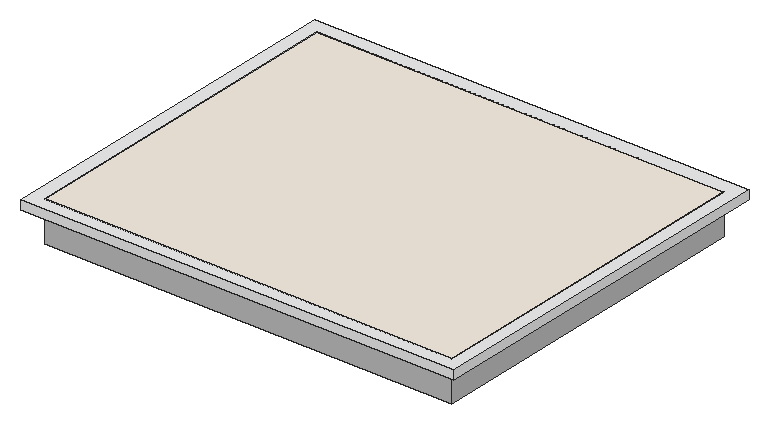
Revit family "Lighting-Industriale-GEWISS-ELIA-HL-LED_RIFLETTORE", category Apparecchi per illuminazione, host Superficie, Revit 2019 (continued)
Types (12, lengths in mm): name | Tensione | Scheda Tecnica | Potenza di sistema | Peso (kg): | Peso (kg) | Ottica | built-in parameter 1150142 | Lumen output (lm) | Modello | IDT | File diagramma fotometrico | Description
    1107.01 10877.01 \r\n10630.88 10363.22 10071.36 9747.21 9410.96 9088.16 \r\n8769.40 8457.36 8153.39 7861.52 7581.76 7311.42 7054.52 \r\n6817.80 6594.53 6377.99 6166.82 5954.31 5748.53 5557.54 \r\n5374.62 5205.15 5041.06 4878.31 4720.95 4571.65 4429.09 \r\n4283.82 4141.25 4002.72 3866.88 3732.38 3600.56 3476.82 \r\n3357.12 3241.45 3125.78 3010.11 2894.44 2778.77 2664.04 \r\n2548.64 2436.60 2333.71 2235.12 2135.46 2040.90 1956.71 \r\n1878.29 1802.03 1728.73 1657.31 1588.71 1524.15 1461.75 \r\n1400.01 1339.08 1279.09 1220.32 1162.21 1106.40 1054.08 \r\n1004.31 956.70 911.24 867.79 825.56 783.73 743.25 706.13 \r\n670.89 636.86 604.04 571.49 539.88 509.62 480.84 454.34 \r\n429.59 405.52 382.52 360.73 339.48 318.63 298.59 279.89 \r\n261.70 243.35 225.14 207.09 189.34 171.99 155.28 139.52 \r\n124.55 110.38 96.88 83.86 71.50 59.99 49.21 39.11 29.98 \r\n22.09 15.57 10.66 7.25 5.30 4.84 \r\n13471.52 13472.86 13475.55 13478.24 13480.93 13486.31 \r\n13491.69 13499.76 13506.49 13514.56 13523.97 13533.39 \r\n13544.15 13556.25 13569.70 13583.15 13596.60 13610.05 \r\n13624.85 13638.30 13654.44 13667.89 13684.03 13698.82 \r\n13714.96 13728.41 13743.21 13756.66 13770.11 13780.87 \r\n13791.63 13801.04 13809.11 13814.49 13818.53 13819.87 \r\n13819.87 13815.84 13810.46 13802.39 13791.63 13776.83 \r\n13760.69 13739.17 13716.31 13690.75 13659.82 13626.19 \r\n13589.88 13548.18 13501.11 13452.69 13400.23 13341.05 \r\n13277.84 13206.55 13132.58 13049.19 12960.42 12860.89 \r\n12751.94 12637.62 12511.19 12372.65 12222.01 12063.30 \r\n11892.49 11712.26 11522.61 11324.90 11115.08 10889.12 \r\n10642.98 10376.67 10087.50 9763.35 9428.45 9101.61 \r\n8778.81 8462.74 8157.42 7864.21 7581.76 7312.76 7059.90 \r\n6824.53 6599.91 6382.02 6169.51 5958.35 5753.91 5561.57 \r\n5378.65 5206.49 5039.71 4876.97 4718.26 4568.96 4423.70 \r\n4279.79 4137.22 4000.03 3864.18 3731.03 3600.56 3476.82 \r\n3357.12 3240.11 3124.43 3010.11 2894.44 2780.11 2664.98 \r\n2549.72 2437.54 2332.36 2231.76 2133.04 2039.56 1956.03 \r\n1878.02 1802.03 1728.86 1657.58 1588.98 1524.42 1462.01 \r\n1400.28 1339.49 1278.96 1219.38 1160.87 1104.38 1051.92 \r\n1002.16 955.35 910.70 867.66 825.83 783.73 743.25 706.26 \r\n671.29 637.66 604.98 572.57 541.23 511.10 482.45 456.22 \r\n431.48 407.00 383.32 361.13 339.61 318.90 298.86 280.16 \r\n262.15 243.92 225.73 207.40 189.38 171.97 155.25 139.53 \r\n124.57 110.33 96.75 83.70 71.34 59.83 49.08 38.95 29.82 \r\n22.02 15.59 10.68 7.25 5.30 4.83 \r\n13471.52 13474.21 13475.55 13478.24 13482.28 13486.31 \r\n13493.04 13499.76 13506.49 13514.56 13523.97 13534.73 \r\n13544.15 13556.25 13568.36 13581.81 13596.60 13610.05 \r\n13623.50 13638.30 13653.09 13669.23 13682.68 13698.82 \r\n13713.62 13727.07 13741.86 13755.31 13768.76 13780.87 \r\n13790.28 13801.04 13807.77 13813.15 13818.53 13818.53 \r\n13819.87 13817.18 13810.46 13802.39 13791.63 13776.83 \r\n13760.69 13740.52 13716.31 13690.75 13662.51 13630.23 \r\n13591.22 13549.53 13505.14 13455.38 13402.92 13345.09 \r\n13280.53 13211.93 13136.61 13054.57 12965.80 12866.27 \r\n12760.01 12644.34 12517.91 12380.72 12231.43 12071.37 \r\n11901.90 11720.33 11529.34 11331.62 11121.80 10895.84 \r\n10652.40 10387.43 10099.60 9778.15 9441.90 9112.37 \r\n8785.54 8468.12 8158.77 7862.87 7581.76 7315.45 7063.94 \r\n6829.91 6606.64 6387.40 6173.55 5963.73 5760.64 5568.30 \r\n5384.03 5207.84 5038.37 4874.28 4714.22 4563.59 4418.32 \r\n4274.41 4133.18 3997.34 3862.84 3729.68 3599.22 3475.48 \r\n3354.43 3237.41 3123.09 3007.42 2893.09 2778.77 2665.66 \r\n2550.79 2438.22 2330.62 2227.86 2129.81 2038.08 1955.23 \r\n1877.35 1801.63 1728.73 1657.85 1589.52 1524.96 1462.55 \r\n1400.95 1339.89 1278.96 1218.70 1159.39 1102.63 1049.77 \r\n1000.28 954.14 910.30 867.79 825.96 783.87 743.38 706.66 \r\n672.10 638.61 606.19 574.05 542.71 512.71 484.33 458.38 \r\n433.49 408.48 384.40 361.67 339.88 318.90 299.13 280.57 \r\n262.68 244.51 226.28 207.69 189.40 171.93 155.24 139.54 \r\n124.64 110.30 96.61 83.52 71.16 59.66 48.93 38.78 29.63 \r\n21.93 15.59 10.69 7.24 5.29 4.82 \r\n13471.52 13474.21 13475.55 13478.24 13482.28 13487.66 \r\n13493.04 13499.76 13506.49 13514.56 13522.63 13533.39 \r\n13544.15 13556.25 13569.70 13583.15 13596.60 13610.05 \r\n13623.50 13638.30 13653.09 13667.89 13684.03 13697.48 \r\n13713.62 13727.07 13741.86 13755.31 13768.76 13779.52 \r\n13790.28 13801.04 13807.77 13813.15 13817.18 13818.53 \r\n13818.53 13815.84 13810.46 13803.73 13791.63 13778.18 \r\n13762.04 13741.86 13719.00 13692.10 13663.85 13631.57 \r\n13593.91 13553.56 13506.49 13459.41 13405.61 13347.78 \r\n13284.56 13215.97 13140.65 13058.60 12969.83 12871.65 \r\n12765.39 12649.72 12524.64 12387.45 12239.50 12079.44 \r\n11907.28 11727.05 11536.06 11337.00 11125.84 10899.88 \r\n10657.78 10396.85 10110.36 9790.25 9454.00 9121.79 \r\n8792.26 8470.81 8160.11 7861.52 7581.76 7315.45 7067.97 \r\n6835.29 6614.71 6391.44 6176.24 5969.11 5770.05 5576.37 \r\n5389.41 5209.18 5037.02 4870.24 4711.53 4559.55 4411.60 \r\n4267.68 4127.80 3991.96 3858.80 3726.99 3596.53 3472.79 \r\n3353.09 3236.07 3120.40 3007.42 2893.09 2780.11 2666.06 \r\n2551.73 2438.75 2328.46 2223.28 2126.44 2036.46 1954.15 \r\n1876.68 1801.22 1728.59 1658.12 1590.06 1525.63 1463.23 \r\n1401.76 1340.70 1279.09 1218.30 1158.45 1101.02 1047.89 \r\n998.39 953.20 910.03 867.79 826.23 784.13 743.65 707.34 \r\n673.04 639.68 607.40 575.39 544.46 514.73 486.62 460.53 \r\n435.65 410.22 385.48 362.21 340.02 319.17 299.40 281.10 \r\n263.20 245.06 226.78 207.96 189.43 171.89 155.23 139.58 \r\n124.71 110.28 96.49 83.36 70.98 59.48 48.77 38.59 29.46 \r\n21.83 15.58 10.69 7.23 5.28 4.80 \r\n13471.52 13474.21 13475.55 13478.24 13482.28 13487.66 \r\n13493.04 13499.76 13505.14 13513.21 13522.63 13533.39 \r\n13544.15 13556.25 13568.36 13581.81 13595.26 13610.05 \r\n13623.50 13638.30 13653.09 13667.89 13682.68 13697.48 \r\n13712.27 13728.41 13741.86 13755.31 13767.42 13779.52 \r\n13790.28 13799.70 13806.42 13811.80 13817.18 13819.87 \r\n13818.53 13815.84 13810.46 13802.39 13791.63 13778.18 \r\n13760.69 13741.86 13719.00 13693.44 13665.20 13631.57 \r\n13595.26 13554.91 13509.18 13460.76 13406.96 13350.47 \r\n13287.25 13217.31 13143.34 13062.64 12973.87 12877.03 \r\n12770.77 12655.10 12528.67 12392.83 12246.22 12084.82 \r\n11912.66 11731.09 11538.75 11338.35 11127.18 10902.57 \r\n10661.81 10400.88 10117.09 9796.98 9463.42 9128.51 \r\n8796.30 8472.15 8158.77 7861.52 7579.07 7316.80 7072.01 \r\n6840.67 6620.09 6396.82 6178.93 5975.84 5778.12 5583.10 \r\n5394.80 5210.53 5035.68 4868.90 4708.85 4552.82 4404.88 \r\n4260.96 4122.43 3987.92 3856.11 3724.30 3595.18 3471.45 \r\n3349.05 3232.03 3117.71 3004.73 2891.75 2778.77 2666.33 \r\n2552.27 2439.02 2326.31 2218.98 2123.22 2034.85 1953.07 \r\n1875.74 1800.69 1728.46 1658.25 1590.60 1526.44 1464.03 \r\n1402.57 1341.64 1279.50 1217.90 1157.51 1099.54 1046.41 \r\n997.05 952.39 909.89 867.93 826.50 784.40 744.05 707.87 \r\n673.98 640.76 608.75 576.87 546.20 516.61 488.64 462.68 \r\n437.53 411.70 386.42 362.61 340.15 319.44 299.80 281.37 \r\n263.69 245.56 227.21 208.19 189.44 171.88 155.23 139.64 \r\n124.78 110.26 96.37 83.20 70.80 59.31 48.61 38.41 29.28 \r\n21.73 15.56 10.68 7.21 5.26 4.79 \r\n13471.52 13474.21 13476.90 13479.59 13482.28 13487.66 \r\n13493.04 13499.76 13506.49 13514.56 13522.63 13532.04 \r\n13544.15 13556.25 13569.70 13583.15 13596.60 13610.05 \r\n13623.50 13638.30 13653.09 13666.54 13682.68 13697.48 \r\n13712.27 13727.07 13740.52 13753.97 13767.42 13779.52 \r\n13790.28 13799.70 13806.42 13813.15 13817.18 13818.53 \r\n13818.53 13815.84 13811.80 13803.73 13792.97 13779.52 \r\n13762.04 13741.86 13719.00 13694.79 13666.54 13632.92 \r\n13596.60 13556.25 13510.52 13462.10 13409.65 13350.47 \r\n13287.25 13220.00 13144.68 13063.98 12976.56 12879.72 \r\n12773.46 12657.79 12531.36 12395.52 12248.91 12087.51 \r\n11915.35 11732.43 11540.10 11341.04 11128.53 10903.91 \r\n10663.16 10403.57 10121.12 9803.70 9470.14 9133.89 \r\n8800.33 8472.15 8157.42 7858.83 7577.73 7318.14 7074.70 \r\n6846.05 6625.47 6399.51 6181.62 5979.87 5784.85 5591.16 \r\n5400.17 5214.56 5032.99 4866.21 4706.15 4548.79 4398.15 \r\n4255.58 4118.39 3983.89 3852.08 3722.96 3593.84 3468.75 \r\n3346.36 3230.69 3116.36 3002.04 2890.40 2778.77 2666.33 \r\n2552.54 2439.02 2324.29 2215.21 2120.26 2033.51 1952.00 \r\n1874.93 1800.15 1728.19 1658.52 1591.27 1527.11 1464.70 \r\n1403.37 1342.44 1279.90 1217.76 1156.70 1098.60 1045.20 \r\n996.11 951.72 910.03 868.06 826.77 784.81 744.32 708.55 \r\n674.92 641.83 609.69 578.35 547.82 518.36 490.52 464.43 \r\n439.14 412.91 387.36 363.15 340.42 319.57 300.07 281.91 \r\n264.10 245.96 227.53 208.34 189.44 171.85 155.23 139.68 \r\n124.84 110.26 96.28 83.07 70.65 59.17 48.47 38.27 29.13 \r\n21.64 15.54 10.67 7.19 5.24 4.77 \r\n13471.52 13474.21 13476.90 13479.59 13482.28 13487.66 \r\n13493.04 13498.42 13506.49 13514.56 13522.63 13533.39 \r\n13544.15 13557.60 13568.36 13581.81 13595.26 13608.71 \r\n13624.85 13638.30 13651.75 13667.89 13681.34 13697.48 \r\n13713.62 13727.07 13740.52 13753.97 13767.42 13778.18 \r\n13791.63 13799.70 13807.77 13813.15 13815.84 13818.53 \r\n13818.53 13815.84 13810.46 13802.39 13791.63 13778.18 \r\n13762.04 13740.52 13719.00 13694.79 13667.89 13632.92 \r\n13597.95 13554.91 13509.18 13463.45 13409.65 13350.47 \r\n13288.60 13218.66 13146.03 13065.33 12976.56 12879.72 \r\n12774.81 12659.14 12532.71 12398.21 12250.26 12088.86 \r\n11916.70 11733.78 11540.10 11341.04 11125.84 10902.57 \r\n10663.16 10402.23 10119.78 9805.05 9474.18 9135.24 \r\n8798.99 8473.50 8156.08 7857.49 7575.04 7316.80 7077.39 \r\n6848.74 6628.16 6402.20 6184.31 5985.25 5791.57 5595.20 \r\n5404.21 5215.91 5032.99 4863.52 4704.81 4546.10 4392.77 \r\n4250.20 4113.01 3981.20 3849.39 3720.27 3591.15 3467.41 \r\n3346.36 3228.00 3115.02 3002.04 2889.06 2778.77 2666.33 \r\n2552.81 2439.02 2322.55 2212.26 2117.84 2032.29 1951.33 \r\n1874.39 1799.88 1728.06 1658.65 1591.67 1527.65 1465.24 \r\n1404.18 1343.12 1280.17 1217.76 1156.43 1097.79 1044.53 \r\n995.30 951.45 910.03 868.33 826.91 784.94 744.86 709.08 \r\n675.46 642.64 610.63 579.43 549.03 519.71 492.00 465.91 \r\n440.35 413.99 387.90 363.42 340.55 319.84 300.20 282.18 \r\n264.43 246.24 227.76 208.45 189.43 171.84 155.24 139.72 \r\n124.90 110.26 96.22 82.96 70.53 59.05 48.37 38.14 29.00 \r\n21.57 15.51 10.65 7.18 5.23 4.76 \r\n" | "26900" | "GWF1000QL840" | "14b5b9b0-561a-4f5d-801c-4a8b77cc0f06" | "GWF1000QL840.IES" | "ELIA HL L2 90° 4000K S.ALONE ON/OFF"
